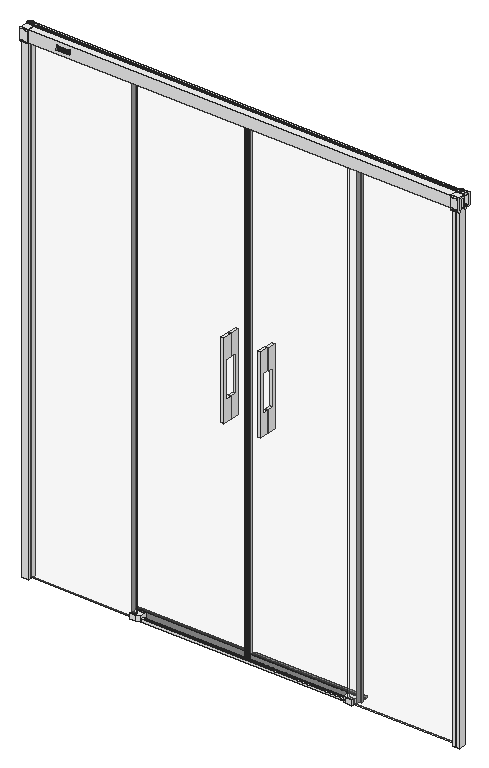
Revit family "Sanitary_Shower-screens_Duscholux_DuschoGredel_DuschoVesna_Slider-twin-doors-shower", category Plumbing Fixtures, Revit 2017
Family settings
  Round Connector Dimension = Use Diameter
  Part Type = Normal
  OmniClass Number = 23.45.00.00
  OmniClass Title = Sanitary, Laundry, and Cleaning Equipment
  Work Plane-Based = No
  Always vertical = Yes
  Cut with Voids When Loaded = No
  Shared = No
  Room Calculation Point = No
Parameters (values of type "White Aluminium Finish")
  Uniclass 2015 Description = "Shower Enclosures"
  Uniclass 2015 Code = "PR-40-20-06-79"
  URL = "http://www.duscholux.es/"
  UNSPSC Code = "30181507"
  Thickness Safety Glass Sliding = 5 mm  # constant formula
  Text visibility = yes
  Technical Inspection Certificate (Applus) = "http://www.duscholux.es/resources/custom/var/APPLUS_en.pdf"
  Series = "Duscho Gredel"
  Region South America = "Consult"
  Region Oceania = "Consult"
  Region North America = "Consult"
  Region Middle East = "Consult"
  Region Europe = "AD, ES, FR, PT"
  Region Asia = "Consult"
  Region Antartica = "Consult"
  Region Africa = "Consult"
  Ref. = "6AB"
  Products = "http://www.duscholux.es/mamparas_filtro.aspx?es"
  Product group = "Front for shower"
  Product family = "Duscho Gredel"
  Optional = "Towel rail / Shelf"
  Opening System Image = "http://blob.duscholux.es/pluma512/FD2f2pcorredera.gif"
  Opening System = "Sliding"
  Opening Percentage = 0
  Net Weight (Kg) = 64
  NBS Reference Description = "Shower Enclosures"
  NBS Reference Code = "45-35-70"
  Model = "DuschoVesna"
  Manufacturer name = "Duscholux Ibérica, S.A."
  Manufacturer country = "Spain"
  Manufacturer = "Duscholux Ibérica, S.A."
  Maintenance and Cleaning = "http://www.duscholux.es/mamparas_limpieza.aspx?en"
  Logo visibility = yes
  Image = "http://www.duscholux.es/resources/custom/img/mamparas/DUSCHO%20GREDEL/modelos/2F2PFDC/mampara_h.jpg"
  IFC Classification = "Furnishing Element"
  Handle Material = White Finish
  Glass in Building UNE EN 12150 = "CE Conformity marking"
  Glass Material = Glass_Material-Duscholux
  Thickness Safety Glass Fixed Panels = 8 mm  # constant formula
  Frame Material = White Aluminium Finish
  Fact Sheet = "http://blob.duscholux.es/enpdf2018/Vesna2F2PFD.pdf"
  Environmental Management ISO 14001 = "ECOEMBES Certificate"
  Edition number = "1"
  Design country = "Spain / Germany"
  Description = "2 fixed segments + slider twin doors"
  Date of publishing = ""
  Configuration enclosure = "http://configuratumampara.duscholux.es/eCatalogo.aspx"
  Components = "Eropean components"
  Combinations = "Lateral 90°"
  Certified Quality UNE EN 14428 = "http://www.duscholux.es/duscholux_downloads.aspx?es"
  COBIe Type Category = ""
  Brand = "Duscholux"
  Assembly Code = "C1030200"
  Opening Door = ((Min Max Width / 4) - 110 mm) * Opening Percentage / 100  # 0 mm
  Sliding Door Width = (Min Max Width / 4) + 9 mm  # 409 mm
  Width = 1600 mm
  Min Max Width = if(Width < 1160 mm, 1160 mm, if(Width > 2000 mm, 2000 mm, Width))  # 1600 mm
  Handle Height = Max Height / 2  # 900 mm
  Max Height = if(Height > 2000 mm, 2000 mm, Height)  # 1800 mm
  Height = 1800 mm
  Accesories Material = White Finish
Types (5, lengths in mm): name | Handle Material | Frame Material | Sliding Door Width | Width | Min Max Width | Handle Height | Max Height | Height | Accesories Material
  (no name) | White Finish | White Aluminium Finish | 409 | 1600 | 1600 | 900 | 1800 | 1800 | White Finish
  Platinum Aluminium Finish | Chrome Finish | Platinum Aluminium Finish | 409 | 1600 | 1600 | 1000 | 2000 | 2000 | Sillver Matt Finish
  Silver Matt Aluminium Finish | Chrome Finish | Silver Matt Aluminium Finish | 409 | 1600 | 1600 | 900 | 1800 | 1800 | Chrome Finish
  White Aluminium Finish | White Finish | White Aluminium Finish | 409 | 1600 | 1600 | 900 | 1800 | 1800 | White Finish
  Black Aluminium Finish | Chrome Finish | Black Aluminium Finish | 509 | 2100 | 2000 | 950 | 1900 | 1900 | Chrome Finish
Reference planes
  plane 1 "Centro (Frontal/Posterior)": y = 0
  plane 2: z = 0
  plane 3 "Centro (Izquierda/Derecha)": x = 0
  plane 4: y = 23.489
  plane 5: y = 4
  plane 6: y = -4
  plane 7: z = 1800
  plane 8: z = 1759.85
  plane 9: z = 1757.85
  plane 10: x = -8.5
  plane 11: x = 18
  plane 12: z = 900
  plane 13: x = 1591.5
  plane 14: x = 791.5
  plane 15: x = 405.75
  plane 16: x = 1177.25
  plane 17: x = 391.5
  plane 18: x = 1191.5
  plane 19: x = 2842
  plane 20: x = 1041.5
Forms (mm)
  Extrusion 1, solid, material "Glass_Material-Duscholux"
    sketch origin (500, 0, 0) x (1, 0, 0) y (0, 1, 0)
      loop
        line (-500, 4) -> (-500, -4) -> (-94.25, -4) -> (-94.25, 4) -> (-500, 4)
    from 1.937 to 1785
  Extrusion 2, solid, material "Glass_Material-Duscholux" <- "Glass Material"
    sketch origin (-592.982, 0, 0) x (1, 0, 0) y (0, 1, 0)
      loop
        line (968.25, 25.989) -> (968.25, 20.989) -> (1377.25, 20.989) -> (1377.25, 25.989) -> (968.25, 25.989)
    from 3.247 to 1785
  Extrusion 3, solid, material "White Finish" <- "Accesories Material"
    sketch origin (15, 0, 0) x (1, 0, 0) y (0, 1, 0)
      loop
        line (405.75, 30.989) -> (370.75, 30.989) -> (370.75, -8.011) -> (392.75, -8.011) -> (405.75, -4.011) -> (405.75, 30.989)
    from 0 to 18
  Extrusion 4, void
    sketch origin (15, 0, 0) x (1, 0, 0) y (0, 1, 0)
      loop
        line (370.75, 27.32) -> (370.75, 19.755) -> (405.75, 19.755) -> (405.75, 27.32) -> (370.75, 27.32)
    from 1.937 to 18
  Extrusion 5, void
    sketch origin (15, -100, 0) x (1, 0, 0) y (0, 1, 0)
      loop
        line (390.75, 104) -> (370.75, 104) -> (370.75, 96) -> (390.75, 96) -> (390.75, 104)
    from 1.937 to 18
  Extrusion 6, solid, material "White Aluminium Finish" <- "Frame Material"
    sketch origin (0, 0, 0) x (1, 0, 0) y (0, 1, 0)
      loop
        line (18, 14.7) -> (-8.5, 14.7) -> (-8.5, -10.5) -> (18, -10.5) -> (18, -4.3) -> (7.35, -4.3) -> (7.35, -9) -> (-7, -9) -> (-7, 0) -> (-7, 13.2) -> (7.35, 13.2) -> (7.35, 4.3) -> (18, 4.3) -> (18, 14.7)
    from 0 to 1759.85
  Extrusion 7, solid, material "Plástico, transparente", detail levels fine
    sketch origin (0, -145.181, 3.42) x (0, 1, 0) y (0, 0, 1)
      loop
        line (194.949, 4.519) -> (171.958, 16.536)
        arc (171.958, 16.536) -> (171.38, 16.476) -> (171.21, 15.92) r 0.526
        line (171.21, 15.92) -> (171.449, 15) -> (171.449, -0.173) -> (165.989, -0.173) -> (165.989, 16.735) -> (164.936, 16.612) -> (164.936, -1.483) -> (172.501, -1.483) -> (172.501, 12.27)
        arc (172.501, 12.27) -> (172.794, 12.905) -> (173.466, 13.094) r 0.834
        line (173.466, 13.094) -> (193.449, 3.5) -> (193.449, -2.213)
        arc (193.449, -2.213) -> (194.154, -2.647) -> (194.949, -2.414) r 1.02
        line (194.949, -2.414) -> (194.949, 4.519)
    from 380.268 to 781.268
  Extrusion 8, void
    sketch origin (0, -100, 0) x (0, 1, 0) y (0, 0, 1)
      loop
        line (130.989, 15.216) -> (130.989, 18) -> (127.32, 18) -> (127.32, 16.927) -> (130.989, 15.216)
    from 385.75 to 420.75
  Extrusion 9, solid, material "White Aluminium Finish" <- "Frame Material"
    sketch origin (0, 0, 0) x (0, 1, 0) y (0, 0, 1)
      loop
        line (-16, 1800) -> (-16, 1759.85) -> (-6.5, 1759.85) -> (-6.5, 1794) -> (0, 1794) -> (6.5, 1794) -> (6.5, 1759.85) -> (18.5, 1759.85) -> (18.5, 1763.85) -> (9.5, 1763.85) -> (9.5, 1795.261) -> (23.519, 1795.261) -> (23.519, 1798.011) -> (31.069, 1798.011) -> (31.069, 1761.861) -> (29.669, 1761.861) -> (29.669, 1759.861) -> (33.069, 1759.861) -> (33.069, 1797.011)
        arc (33.069, 1797.011) -> (32.191, 1799.132) -> (30.069, 1800.011) r 3
        line (30.069, 1800.011) -> (21.519, 1800.011) -> (21.519, 1797.261) -> (12.519, 1797.261) -> (12.519, 1800) -> (-16, 1800)
      loop
        line (-9.5, 1791.05) -> (-13, 1791.05) -> (-13, 1763.85) -> (-9.5, 1763.85) -> (-9.5, 1791.05)
    from -8.5 to 1591.5
  Extrusion 10, solid, material "White Finish" <- "Accesories Material"
    sketch origin (0, 0, 0) x (0, 1, 0) y (0, 0, 1)
      loop
        arc (-15, 1802.011) -> (-17.121, 1801.132) -> (-18, 1799.011) r 3
        line (-18, 1799.011) -> (-18, 1761.188)
        arc (-18, 1761.188) -> (-16.882, 1758.721) -> (-14.289, 1757.935) r 3.281
        line (-14.289, 1757.935) -> (-14.288, 1753.858) -> (-10.5, 1753.858) -> (-10.5, 1759.85) -> (-16, 1759.85) -> (-16, 1800) -> (30.191, 1800)
        arc (30.191, 1800) -> (32.266, 1799.117) -> (33.069, 1797.011) r 2.881
        line (33.069, 1797.011) -> (33.069, 1759.861) -> (14.7, 1759.861) -> (14.7, 1753.858) -> (18.5, 1753.858) -> (18.5, 1757.85) -> (32.069, 1757.85)
        arc (32.069, 1757.85) -> (34.191, 1758.729) -> (35.069, 1760.85) r 3
        line (35.069, 1760.85) -> (35.069, 1797.011)
        arc (35.069, 1797.011) -> (33.605, 1800.546) -> (30.069, 1802.011) r 5
        line (30.069, 1802.011) -> (21.49, 1802.011)
        arc (21.49, 1802.011) -> (20.786, 1804.401) -> (18.52, 1805.435) r 3
        line (18.52, 1805.435) -> (12.519, 1805.435) -> (12.519, 1802.011) -> (-15, 1802.011)
    from -8.5 to 19.5
  Extrusion 11, solid, material "White Finish" <- "Accesories Material"
    sketch origin (0, 0, 0) x (0, 1, 0) y (0, 0, 1)
      loop
        line (-2.433, 7.579) -> (-2.433, 0) -> (7.636, 0) -> (7.636, 7.574)
        arc (7.636, 7.574) -> (6.912, 9.32) -> (5.166, 10.043) r 2.47
        line (5.166, 10.043) -> (0.032, 10.043)
        arc (0.032, 10.043) -> (-1.711, 9.321) -> (-2.433, 7.579) r 2.465
    from 420.75 to 1162.25
  Extrusion 12, solid, material "White Aluminium Finish" <- "Frame Material"
    sketch origin (2860, 0, 0) x (-1, 0, 0) y (0, -1, 0)
      loop
        line (1295, -14.7) -> (1295, -4.3) -> (1284.35, -4.3) -> (1284.35, -13.2) -> (1270, -13.2) -> (1270, 0) -> (1270, 9) -> (1284.35, 9) -> (1284.35, 4.3) -> (1295, 4.3) -> (1295, 10.5) -> (1268.5, 10.5) -> (1268.5, -14.7) -> (1295, -14.7)
    from 0 to 1759.85
  Extrusion 13, solid, material "White Finish" <- "Accesories Material"
    sketch origin (2845, 0, 0) x (-1, 0, 0) y (0, -1, 0)
      loop
        line (1682.75, -30.989) -> (1682.75, 4.011) -> (1669.75, 8.011) -> (1647.75, 8.011) -> (1647.75, -30.989) -> (1682.75, -30.989)
    from 0 to 18
  Extrusion 14, void
    sketch origin (2845, 0, 0) x (-1, 0, 0) y (0, -1, 0)
      loop
        line (1647.75, -27.32) -> (1682.75, -27.32) -> (1682.75, -19.755) -> (1647.75, -19.755) -> (1647.75, -27.32)
    from 1.937 to 18
  Extrusion 15, void
    sketch origin (2845, -100, 0) x (-1, 0, 0) y (0, -1, 0)
      loop
        line (1667.75, -104) -> (1667.75, -96) -> (1647.75, -96) -> (1647.75, -104) -> (1667.75, -104)
    from 1.937 to 18
  Extrusion 16, void
    sketch origin (2860, -100, 0) x (0, 1, 0) y (0, 0, -1)
      loop
        line (130.989, -15.216) -> (127.32, -16.927) -> (127.32, -18) -> (130.989, -18) -> (130.989, -15.216)
    from 1662.75 to 1697.75
  Extrusion 17, solid, material "Glass_Material-Duscholux" <- "Glass Material"
    sketch origin (2871.312, 0, 0) x (-1, 0, 0) y (0, -1, 0)
      loop
        line (1663.612, -25.989) -> (2072.612, -25.989) -> (2072.612, -20.989) -> (1663.612, -20.989) -> (1663.612, -25.989)
    from 3.247 to 1785
  Extrusion 18, void
    sketch origin (2880, 0, 0) x (-1, 0, 0) y (0, -1, 0)
      loop
        line (1682.75, -27.32) -> (1717.75, -27.32) -> (1717.75, -19.755) -> (1682.75, -19.755) -> (1682.75, -27.32)
    from 1.937 to 18
  Extrusion 19, solid, material "Plástico, transparente", detail levels fine
    sketch origin (2895, -145.181, 3.42) x (0, 1, 0) y (0, 0, -1)
      loop
        line (194.949, -4.519) -> (194.949, 2.414)
        arc (194.949, 2.414) -> (194.154, 2.647) -> (193.449, 2.213) r 1.02
        line (193.449, 2.213) -> (193.449, -3.5) -> (173.466, -13.094)
        arc (173.466, -13.094) -> (172.794, -12.905) -> (172.501, -12.27) r 0.834
        line (172.501, -12.27) -> (172.501, 1.483) -> (164.936, 1.483) -> (164.936, -16.612) -> (165.989, -16.735) -> (165.989, 0.173) -> (171.449, 0.173) -> (171.449, -15) -> (171.21, -15.92)
        arc (171.21, -15.92) -> (171.38, -16.476) -> (171.958, -16.536) r 0.526
        line (171.958, -16.536) -> (194.949, -4.519)
    from 1692.3 to 2093.3
  Extrusion 20, void
    sketch origin (15, 0, 0) x (1, 0, 0) y (0, 1, 0)
      loop
        line (370.75, 27.32) -> (370.75, 19.755) -> (405.75, 19.755) -> (405.75, 27.32) -> (370.75, 27.32)
    from 1.937 to 18
  Extrusion 21, solid, material "Glass_Material-Duscholux" <- "Glass Material"
    sketch origin (2360, 0, 0) x (-1, 0, 0) y (0, -1, 0)
      loop
        line (777, -4) -> (1182.75, -4) -> (1182.75, 4) -> (777, 4) -> (777, -4)
    from 1.937 to 1785
  Extrusion 22, solid, material "Plástico, transparente", detail levels fine
    sketch origin (-13.805, 0, 0) x (1, 0, 0) y (0, 1, 0)
      loop
        line (394.073, 26.267) -> (394.073, 27.32) -> (387.773, 27.32) -> (387.773, 19.707) -> (392.973, 19.707) -> (392.973, 5.807) -> (394.073, 5.807) -> (394.073, 20.807) -> (389.073, 20.807) -> (389.073, 26.267) -> (394.073, 26.267)
    from 1.937 to 1785
  Extrusion 23, solid, material "Plástico, transparente", detail levels fine
    sketch origin (2819.945, 0, 0) x (-1, 0, 0) y (0, -1, 0)
      loop
        line (1617.245, -26.267) -> (1612.245, -26.267) -> (1612.245, -20.807) -> (1617.245, -20.807) -> (1617.245, -5.807) -> (1616.145, -5.807) -> (1616.145, -19.707) -> (1610.945, -19.707) -> (1610.945, -27.32) -> (1617.245, -27.32) -> (1617.245, -26.267)
    from 1.937 to 1785
  Extrusion 24, solid, material "White Aluminium Finish"
    sketch origin (27.858, 0, 0) x (1, 0, 0) y (0, 1, 0)
      loop
        line (770.842, 20.989) -> (770.842, 26.186) -> (772.542, 26.186)
        arc (772.542, 26.186) -> (773.084, 26.664) -> (772.802, 27.33) r 0.619
        arc (772.802, 27.33) -> (772.279, 27.623) -> (771.735, 27.875) r 8
        arc (771.735, 27.875) -> (769.197, 28.479) -> (766.599, 28.234) r 8
        arc (766.599, 28.234) -> (765.845, 27.841) -> (765.542, 27.046) r 1.197
        line (765.542, 27.046) -> (765.542, 25.986) -> (763.642, 25.986) -> (763.642, 21.189) -> (765.542, 21.189) -> (765.542, 20.129)
        arc (765.542, 20.129) -> (765.845, 19.334) -> (766.599, 18.94) r 1.197
        arc (766.599, 18.94) -> (769.197, 18.695) -> (771.735, 19.299) r 8
        arc (771.735, 19.299) -> (772.279, 19.552) -> (772.802, 19.845) r 8
        arc (772.802, 19.845) -> (773.084, 20.51) -> (772.542, 20.989) r 0.619
        line (772.542, 20.989) -> (770.842, 20.989)
      loop
        line (769.842, 19.886) -> (769.842, 27.286) -> (766.342, 27.286) -> (766.342, 19.886) -> (769.842, 19.886)
    from 0 to 1785
  Extrusion 25, solid, material "White Aluminium Finish"
    sketch origin (-15, 0, 0) x (1, 0, 0) y (0, 1, 0)
      loop
        line (806.5, 25.986) -> (804.568, 25.986) -> (804.568, 27.046)
        arc (804.568, 27.046) -> (804.265, 27.841) -> (803.511, 28.234) r 1.197
        arc (803.511, 28.234) -> (800.913, 28.479) -> (798.375, 27.875) r 8
        arc (798.375, 27.875) -> (797.831, 27.623) -> (797.308, 27.33) r 8
        arc (797.308, 27.33) -> (797.026, 26.664) -> (797.568, 26.186) r 0.619
        line (797.568, 26.186) -> (799.268, 26.186) -> (799.268, 20.989) -> (797.568, 20.989)
        arc (797.568, 20.989) -> (797.026, 20.51) -> (797.308, 19.845) r 0.619
        arc (797.308, 19.845) -> (797.831, 19.552) -> (798.375, 19.299) r 8
        arc (798.375, 19.299) -> (800.913, 18.695) -> (803.511, 18.94) r 8
        arc (803.511, 18.94) -> (804.265, 19.334) -> (804.568, 20.129) r 1.197
        line (804.568, 20.129) -> (804.568, 21.189) -> (806.5, 21.189) -> (806.5, 25.986)
      loop
        line (800.268, 27.286) -> (800.268, 19.886) -> (803.768, 19.886) -> (803.768, 27.286) -> (800.268, 27.286)
    from 0 to 1785
  Extrusion 26, solid, material "White Finish" <- "Accesories Material"
    sketch origin (2083, 0, 0) x (0, 1, 0) y (0, 0, -1)
      loop
        line (-15, -1802.011) -> (12.519, -1802.011) -> (12.519, -1805.435) -> (18.52, -1805.435)
        arc (18.52, -1805.435) -> (20.786, -1804.401) -> (21.49, -1802.011) r 3
        line (21.49, -1802.011) -> (30.069, -1802.011)
        arc (30.069, -1802.011) -> (33.605, -1800.546) -> (35.069, -1797.011) r 5
        line (35.069, -1797.011) -> (35.069, -1760.85)
        arc (35.069, -1760.85) -> (34.191, -1758.729) -> (32.069, -1757.85) r 3
        line (32.069, -1757.85) -> (18.5, -1757.85) -> (18.5, -1753.858) -> (14.7, -1753.858) -> (14.7, -1759.861) -> (33.069, -1759.861) -> (33.069, -1797.011)
        arc (33.069, -1797.011) -> (32.266, -1799.117) -> (30.191, -1800) r 2.881
        line (30.191, -1800) -> (-16, -1800) -> (-16, -1759.85) -> (-10.5, -1759.85) -> (-10.5, -1753.858) -> (-14.288, -1753.858) -> (-14.289, -1757.935)
        arc (-14.289, -1757.935) -> (-16.882, -1758.721) -> (-18, -1761.188) r 3.281
        line (-18, -1761.188) -> (-18, -1799.011)
        arc (-18, -1799.011) -> (-17.121, -1801.132) -> (-15, -1802.011) r 3
    from 491.5 to 519.5
Cuts and joins
  Extrusion 4, Extrusion 14, Extrusion 18 cuts Extrusion 2
  Extrusion 4, Extrusion 5, Extrusion 8, Extrusion 14, Extrusion 15, Extrusion 16, Extrusion 18 cuts Extrusion 3
  Extrusion 5, Extrusion 15 cuts Extrusion 1
  Extrusion 14, Extrusion 18 cuts Extrusion 7
  Extrusion 14, Extrusion 15, Extrusion 16, Extrusion 18, Extrusion 20 cuts Extrusion 13
  Extrusion 18 cuts Extrusion 17
  Extrusion 18 cuts Extrusion 19
Lines and regions (mm)
  reference lines
    curve 1: line (0, 14.7, 1753.858) -> (0, 18.5, 1753.858)
    curve 2: line (0, 14.7, 1753.858) -> (0, 18.5, 1753.858)
    curve 3: line (0, -2.4, 0) -> (0, -2.4, 10)
Dimensions and locks
  locked: Extrusion 3 to Extrusion 3 at 18
  equal spacing: plane 5, plane 1 "Centro (Frontal/Posterior)", plane 6
  "Thickness Safety Glass Fixed Panels": plane 5 to plane 6
  locked: plane 7 to cut or joined group of Extrusion 1, Extrusion 5, Extrusion 15 at 15  (x2)
  locked: plane 7 to plane 8 at 40.15
  locked: Extrusion 10 to Extrusion 10 at 28
  plane 9 to plane 8 = 2 mm
  locked: plane 8 to plane 9 at 2
  locked: plane 10 to plane 3 "Centro (Izquierda/Derecha)" at 8.5
  "Handle Height": plane 12 to level
  level to Extrusion 11 = 10.043 mm
  locked: Extrusion 13 to Extrusion 13 at 18
  equal spacing: plane 10, plane 17, plane 14, plane 18, plane 13
  locked: Extrusion 21 to Extrusion 12 at 8.5
  locked: Extrusion 23 to Extrusion 23 at 1.3
  locked: Extrusion 23 to Extrusion 23 at 6.3  (x2)
  locked: Extrusion 24 to Extrusion 24 at 7.2
  locked: cut or joined group of Extrusion 17, Extrusion 18 to cut or joined group of Extrusion 18, Extrusion 19 at 3
  cut or joined group of Extrusion 18, Extrusion 19 to nested 4 = 57 mm
  locked: cut or joined group of Extrusion 7, Extrusion 14, Extrusion 18 to cut or joined group of Extrusion 2, Extrusion 4, Extrusion 14, Extrusion 18 at 3
  locked: Extrusion 25 to Extrusion 25 at 7.232
  locked: Extrusion 24 to nested 4 at 60
  locked: nested 2 to cut or joined group of Extrusion 2, Extrusion 4, Extrusion 14, Extrusion 18 at 60
  locked: Extrusion 22 to Extrusion 22 at 6.3  (x2)
  locked: Extrusion 22 to Extrusion 22 at 1.3
  "Sliding Door Width": cut or joined group of Extrusion 17, Extrusion 18 to cut or joined group of Extrusion 17, Extrusion 18
  "Sliding Door Width": cut or joined group of Extrusion 2, Extrusion 4, Extrusion 14, Extrusion 18 to cut or joined group of Extrusion 2, Extrusion 4, Extrusion 14, Extrusion 18
  "Opening Door": Extrusion 25 to plane 14
  "Opening Door": plane 14 to Extrusion 24
  locked: cut or joined group of Extrusion 13, Extrusion 14, Extrusion 15, Extrusion 16, Extrusion 18, Extrusion 20 to plane 18 at 29.25
  locked: plane 18 to cut or joined group of Extrusion 13, Extrusion 14, Extrusion 15, Extrusion 16, Extrusion 18, Extrusion 20 at 5.75
  locked: plane 16 to plane 18 at 14.25
  locked: plane 17 to cut or joined group 1 (Extrusion 3, Extrusion 4, Extrusion 5, Extrusion 8, Extrusion 14, Extrusion 15, Extrusion 16, Extrusion 18) at 29.25
  locked: cut or joined group 1 to plane 17 at 5.75
  locked: plane 17 to plane 15 at 14.25
  locked: Extrusion 26 to Extrusion 26 at 28  (x2)
  locked: Extrusion 22 to Extrusion 22 at 1.1
  "Thickness Safety Glass Sliding": cut or joined group of Extrusion 2, Extrusion 4, Extrusion 14, Extrusion 18 to cut or joined group of Extrusion 2, Extrusion 4, Extrusion 14, Extrusion 18
  "Thickness Safety Glass Sliding": cut or joined group of Extrusion 17, Extrusion 18 to cut or joined group of Extrusion 17, Extrusion 18
  locked: plane 10 to nested 5 at 157.468
  "Min Max Width": plane 10 to plane 13
  "Max Height": plane 7 to plane 2
  locked: Extrusion 23 to Extrusion 23 at 1.1
  aligned and locked: level to plane 2
  aligned and locked: Extrusion 4 sketch curve to Extrusion 3
  aligned and locked: cut or joined group 1 to Extrusion 5 sketch curve
  aligned and locked: cut or joined group 1 to Extrusion 4
  aligned and locked: plane 5 to cut or joined group of Extrusion 1, Extrusion 5, Extrusion 15
  aligned and locked: plane 6 to cut or joined group of Extrusion 1, Extrusion 5, Extrusion 15
  aligned and locked: Extrusion 2 to Extrusion 7
  aligned and locked: cut or joined group 1 to cut or joined group of Extrusion 1, Extrusion 5, Extrusion 15  (x2)
  aligned and locked: cut or joined group of Extrusion 1, Extrusion 5, Extrusion 15 to cut or joined group 1
  aligned and locked: cut or joined group of Extrusion 2, Extrusion 4, Extrusion 14, Extrusion 18 to cut or joined group of Extrusion 1, Extrusion 5, Extrusion 15
  aligned and locked: Extrusion 9 sketch curve to plane 7
  aligned and locked: Extrusion 9 sketch curve to Extrusion 9 sketch curve
  aligned and locked: Extrusion 9 to Extrusion 6
  aligned and locked: Extrusion 9 to plane 8
  aligned and locked: plane 8 to Extrusion 6
  aligned and locked: cut or joined group 1 to cut or joined group of Extrusion 2, Extrusion 4, Extrusion 14, Extrusion 18
  aligned and locked: cut or joined group 1 to cut or joined group 1  (x2)
  aligned and locked: Extrusion 10 to Extrusion 9
  aligned and locked: Extrusion 6 to plane 10
  aligned and locked: cut or joined group of Extrusion 1, Extrusion 5, Extrusion 15 to plane 3 "Centro (Izquierda/Derecha)"
  aligned and locked: plane 12 to nested 1
  aligned and locked: nested 2 to plane 12
  aligned and locked: Extrusion 11 to cut or joined group 1
  aligned and locked: plane 13 to Extrusion 12
  aligned and locked: Extrusion 13 to Extrusion 14 sketch curve
  aligned and locked: Extrusion 19 to Extrusion 17
  aligned and locked: Extrusion 11 to cut or joined group of Extrusion 13, Extrusion 14, Extrusion 15, Extrusion 16, Extrusion 18, Extrusion 20
  aligned and locked: plane 5 to Extrusion 21
  aligned and locked: plane 6 to Extrusion 21
  aligned and locked: plane 16 to Extrusion 21
  aligned and locked: cut or joined group of Extrusion 13, Extrusion 14, Extrusion 15, Extrusion 16, Extrusion 18, Extrusion 20 to Extrusion 16
  aligned and locked: Extrusion 16 to cut or joined group of Extrusion 13, Extrusion 14, Extrusion 15, Extrusion 16, Extrusion 18, Extrusion 20
  aligned and locked: plane 16 to Extrusion 15
  aligned and locked: cut or joined group of Extrusion 13, Extrusion 14, Extrusion 15, Extrusion 16, Extrusion 18, Extrusion 20 to Extrusion 15
  aligned and locked: plane 13 to Extrusion 9
  aligned and locked: cut or joined group of Extrusion 17, Extrusion 18 to cut or joined group of Extrusion 2, Extrusion 4, Extrusion 14, Extrusion 18
  aligned and locked: Extrusion 21 to cut or joined group of Extrusion 17, Extrusion 18
  aligned and locked: plane 8 to Extrusion 12
  aligned and locked: Extrusion 22 to cut or joined group of Extrusion 2, Extrusion 4, Extrusion 14, Extrusion 18  (x2)
  aligned and locked: cut or joined group of Extrusion 17, Extrusion 18 to Extrusion 23
  aligned and locked: Extrusion 24 to cut or joined group of Extrusion 17, Extrusion 18  (x2)
  aligned and locked: cut or joined group of Extrusion 13, Extrusion 14, Extrusion 15, Extrusion 16, Extrusion 18, Extrusion 20 to cut or joined group of Extrusion 18, Extrusion 19
  aligned and locked: cut or joined group of Extrusion 7, Extrusion 14, Extrusion 18 to Extrusion 22
  aligned and locked: Extrusion 25 to cut or joined group of Extrusion 2, Extrusion 4, Extrusion 14, Extrusion 18
  aligned and locked: cut or joined group of Extrusion 2, Extrusion 4, Extrusion 14, Extrusion 18 to Extrusion 25
  aligned and locked: Extrusion 22 to Extrusion 22
  aligned and locked: nested 4 to nested 3
  aligned and locked: Extrusion 25 to plane 2
  aligned and locked: Extrusion 24 to plane 2
  aligned and locked: nested 3 to plane 12
  aligned and locked: plane 12 to nested 4
  aligned and locked: plane 13 to Extrusion 26
  aligned and locked: Extrusion 23 to cut or joined group of Extrusion 17, Extrusion 18
  aligned and locked: cut or joined group of Extrusion 18, Extrusion 19 to Extrusion 23
Automatic sketch dimensions
  Extrusion 1 sketch curve to plane 3 "Centro (Izquierda/Derecha)" = 0 mm
  plane 6 to Extrusion 1 sketch curve = 0 mm
  Extrusion 1 sketch curve to plane 15 = 0 mm
  Extrusion 1 sketch curve to plane 5 = 0 mm
  plane 4 to Extrusion 2 sketch curve = 2.5 mm
  Extrusion 2 sketch curve to plane 17 = 16.232 mm
  Extrusion 2 sketch curve to plane 14 = 7.232 mm
  Extrusion 2 sketch curve to plane 4 = 2.5 mm
  Extrusion 3 sketch curve to plane 17 = 5.75 mm
  plane 15 to Extrusion 3 sketch curve = 2 mm
  plane 6 to Extrusion 3 sketch curve = 0.011 mm
  Extrusion 3 sketch curve to Extrusion 3 sketch curve = 13 mm
  plane 6 to Extrusion 3 sketch curve = 4.011 mm
  Extrusion 3 sketch curve to plane 4 = 7.5 mm
  plane 4 to Extrusion 4 sketch curve = 3.734 mm
  plane 15 to Extrusion 4 sketch curve = 15 mm
  Extrusion 4 sketch curve to plane 4 = 3.831 mm
  plane 6 to Extrusion 5 sketch curve = 0 mm
  Extrusion 5 sketch curve to plane 15 = 0 mm
  Extrusion 5 sketch curve to plane 5 = 0 mm
  curve 3 to level = 0 mm
  plane 9 to curve 2 = 3.992 mm
  plane 4 to curve 2 = 8.789 mm
  curve 1 to curve 2 = 3.8 mm
  curve 3 to plane 6 = 1.6 mm
  level to curve 3 = 10 mm
  Extrusion 6 sketch curve to plane 10 = 0 mm
  plane 1 "Centro (Frontal/Posterior)" to Extrusion 6 sketch curve = 0 mm
  Extrusion 6 sketch curve to plane 11 = 0 mm  (x2)
  plane 10 to Extrusion 6 sketch curve = 1.5 mm
  plane 3 "Centro (Izquierda/Derecha)" to Extrusion 6 sketch curve = 7.35 mm  (x2)
  plane 5 to Extrusion 6 sketch curve = 0.3 mm
  plane 6 to Extrusion 6 sketch curve = 0.3 mm
  plane 6 to Extrusion 6 sketch curve = 5 mm
  Extrusion 6 sketch curve to Extrusion 6 sketch curve = 1.5 mm
  plane 5 to Extrusion 6 sketch curve = 9.2 mm
  plane 4 to Extrusion 6 sketch curve = 8.789 mm
  plane 4 to Extrusion 7 sketch curve = 3.734 mm
  Extrusion 7 sketch curve to Extrusion 7 sketch curve = 1.053 mm  (x2)
  Extrusion 7 sketch curve to plane 4 = 2.54 mm
  Extrusion 7 sketch curve to plane 4 = 2.779 mm
  Extrusion 7 sketch curve to Extrusion 7 sketch curve = 0.504 mm
  Extrusion 7 sketch curve to Extrusion 7 sketch curve = 0.244 mm
  Extrusion 7 sketch curve to Extrusion 7 sketch curve = 0.834 mm
  Extrusion 7 sketch curve to Extrusion 7 sketch curve = 0.131 mm
  level to Extrusion 7 sketch curve = 6.92 mm
  Extrusion 7 sketch curve to Extrusion 7 sketch curve = 20.947 mm
  Extrusion 7 sketch curve to Extrusion 7 sketch curve = 0.841 mm
  Extrusion 7 sketch curve to Extrusion 7 sketch curve = 1.5 mm
  level to Extrusion 7 sketch curve = 3.247 mm
  Extrusion 7 sketch curve to Extrusion 7 sketch curve = 1.31 mm
  level to Extrusion 7 sketch curve = 1.785 mm
  Extrusion 7 sketch curve to Extrusion 7 sketch curve = 0.578 mm
  Extrusion 7 sketch curve to Extrusion 7 sketch curve = 1.019 mm
  Extrusion 7 sketch curve to Extrusion 7 sketch curve = 12.444 mm
  Extrusion 7 sketch curve to Extrusion 7 sketch curve = 1.906 mm
  Extrusion 7 sketch curve to Extrusion 7 sketch curve = 0.92 mm
  Extrusion 7 sketch curve to Extrusion 7 sketch curve = 0.15 mm
  Extrusion 7 sketch curve to Extrusion 7 sketch curve = 0.692 mm
  Extrusion 7 sketch curve to Extrusion 7 sketch curve = 0.123 mm
  Extrusion 8 sketch curve to plane 4 = 3.831 mm
  Extrusion 8 sketch curve to Extrusion 8 sketch curve = 3.669 mm
  level to Extrusion 8 sketch curve = 15.216 mm
  Extrusion 8 sketch curve to Extrusion 8 sketch curve = 1.711 mm
  Extrusion 8 sketch curve to Extrusion 8 sketch curve = 2.784 mm
  Extrusion 9 sketch curve to plane 8 = 0 mm  (x2)
  Extrusion 9 sketch curve to plane 1 "Centro (Frontal/Posterior)" = 0 mm
  plane 6 to Extrusion 9 sketch curve = 2.5 mm
  Extrusion 9 sketch curve to Extrusion 9 sketch curve = 3 mm  (x3)
  Extrusion 9 sketch curve to Extrusion 9 sketch curve = 3.5 mm
  plane 5 to Extrusion 9 sketch curve = 2.5 mm
  Extrusion 9 sketch curve to Extrusion 9 sketch curve = 3.019 mm
  plane 4 to Extrusion 9 sketch curve = 4.989 mm
  plane 7 to Extrusion 9 sketch curve = 0.011 mm
  plane 4 to Extrusion 9 sketch curve = 1.969 mm
  Extrusion 9 sketch curve to plane 4 = 0.031 mm
  plane 8 to Extrusion 9 sketch curve = 0.011 mm
  Extrusion 9 sketch curve to plane 4 = 6.181 mm
  Extrusion 9 sketch curve to plane 4 = 6.581 mm
  Extrusion 9 sketch curve to Extrusion 9 sketch curve = 1 mm  (x2)
  Extrusion 9 sketch curve to Extrusion 9 sketch curve = 2 mm
  plane 8 to Extrusion 9 sketch curve = 2.011 mm
  plane 8 to Extrusion 9 sketch curve = 4 mm
  Extrusion 9 sketch curve to plane 7 = 8.95 mm
  Extrusion 9 sketch curve to Extrusion 9 sketch curve = 2.95 mm
  Extrusion 9 sketch curve to plane 7 = 4.739 mm
  Extrusion 9 sketch curve to plane 7 = 2.739 mm
  Extrusion 10 sketch curve to plane 8 = 0 mm
  Extrusion 10 sketch curve to plane 7 = 0 mm
  plane 9 to Extrusion 10 sketch curve = 0 mm
  plane 8 to Extrusion 10 sketch curve = 1.338 mm
  plane 6 to Extrusion 10 sketch curve = 14 mm
  Extrusion 10 sketch curve to Extrusion 10 sketch curve = 2 mm
  Extrusion 10 sketch curve to Extrusion 10 sketch curve = 1 mm  (x2)
  Extrusion 10 sketch curve to Extrusion 10 sketch curve = 1.281 mm
  Extrusion 10 sketch curve to plane 9 = 0.085 mm
  plane 9 to Extrusion 10 sketch curve = 3.992 mm  (x2)
  Extrusion 10 sketch curve to Extrusion 10 sketch curve = 0.001 mm
  Extrusion 10 sketch curve to Extrusion 10 sketch curve = 3.789 mm
  plane 7 to Extrusion 10 sketch curve = 2.011 mm  (x2)
  plane 5 to Extrusion 10 sketch curve = 8.519 mm
  plane 4 to Extrusion 10 sketch curve = 8.789 mm
  Extrusion 10 sketch curve to Extrusion 10 sketch curve = 3.8 mm
  plane 7 to Extrusion 10 sketch curve = 2.435 mm
  plane 4 to Extrusion 10 sketch curve = 4.969 mm
  plane 4 to Extrusion 10 sketch curve = 1.999 mm
  Extrusion 10 sketch curve to plane 4 = 6.581 mm
  Extrusion 10 sketch curve to Extrusion 10 sketch curve = 0.121 mm
  Extrusion 10 sketch curve to plane 4 = 8.581 mm
  plane 8 to Extrusion 10 sketch curve = 0.011 mm
  plane 8 to Extrusion 10 sketch curve = 1 mm
  Extrusion 10 sketch curve to Extrusion 10 sketch curve = 0 mm
  Extrusion 11 sketch curve to level = 0 mm
  Extrusion 11 sketch curve to plane 6 = 1.567 mm
  Extrusion 11 sketch curve to plane 1 "Centro (Frontal/Posterior)" = 0.032 mm
  plane 5 to Extrusion 11 sketch curve = 1.166 mm
  plane 5 to Extrusion 11 sketch curve = 3.636 mm
  Extrusion 11 sketch curve to Extrusion 11 sketch curve = 7.574 mm
  Extrusion 12 sketch curve to plane 13 = 0 mm
  plane 1 "Centro (Frontal/Posterior)" to Extrusion 12 sketch curve = 0 mm
  plane 13 to Extrusion 12 sketch curve = 1.5 mm
  Extrusion 12 sketch curve to plane 6 = 5 mm
  Extrusion 12 sketch curve to Extrusion 12 sketch curve = 14.35 mm
  Extrusion 12 sketch curve to plane 5 = 0.3 mm
  Extrusion 12 sketch curve to Extrusion 12 sketch curve = 0 mm  (x2)
  Extrusion 12 sketch curve to Extrusion 12 sketch curve = 10.65 mm
  Extrusion 12 sketch curve to Extrusion 12 sketch curve = 1.5 mm
  Extrusion 12 sketch curve to plane 6 = 0.3 mm
  Extrusion 12 sketch curve to plane 5 = 9.2 mm
  Extrusion 12 sketch curve to plane 4 = 8.789 mm
  plane 18 to Extrusion 13 sketch curve = 5.75 mm
  Extrusion 13 sketch curve to plane 16 = 2 mm
  Extrusion 13 sketch curve to plane 6 = 0.011 mm
  Extrusion 13 sketch curve to Extrusion 13 sketch curve = 13 mm
  Extrusion 13 sketch curve to plane 6 = 4.011 mm
  plane 4 to Extrusion 13 sketch curve = 7.5 mm
  Extrusion 14 sketch curve to plane 4 = 3.734 mm
  Extrusion 14 sketch curve to plane 16 = 15 mm
  plane 4 to Extrusion 14 sketch curve = 3.831 mm
  Extrusion 15 sketch curve to plane 5 = 0 mm
  plane 6 to Extrusion 15 sketch curve = 0 mm
  Extrusion 15 sketch curve to plane 16 = 0 mm
  Extrusion 15 sketch curve to plane 18 = 5.75 mm
  Extrusion 16 sketch curve to plane 4 = 3.831 mm
  Extrusion 16 sketch curve to Extrusion 16 sketch curve = 3.669 mm
  level to Extrusion 16 sketch curve = 18 mm
  Extrusion 16 sketch curve to Extrusion 16 sketch curve = 1.073 mm
  Extrusion 16 sketch curve to Extrusion 16 sketch curve = 2.784 mm
  Extrusion 17 sketch curve to plane 4 = 2.5 mm
  plane 18 to Extrusion 17 sketch curve = 16.2 mm
  Extrusion 17 sketch curve to plane 14 = 7.2 mm
  plane 4 to Extrusion 17 sketch curve = 2.5 mm
  plane 18 to Extrusion 18 sketch curve = 5.75 mm
  Extrusion 18 sketch curve to plane 4 = 3.734 mm
  Extrusion 18 sketch curve to plane 16 = 15 mm
  plane 4 to Extrusion 18 sketch curve = 3.831 mm
  plane 4 to Extrusion 19 sketch curve = 3.734 mm
  Extrusion 19 sketch curve to Extrusion 19 sketch curve = 1.053 mm  (x2)
  Extrusion 19 sketch curve to plane 4 = 2.54 mm
  Extrusion 19 sketch curve to plane 4 = 2.779 mm
  Extrusion 19 sketch curve to Extrusion 19 sketch curve = 0.504 mm
  Extrusion 19 sketch curve to Extrusion 19 sketch curve = 0.244 mm
  Extrusion 19 sketch curve to Extrusion 19 sketch curve = 0.834 mm
  Extrusion 19 sketch curve to Extrusion 19 sketch curve = 0.131 mm
  level to Extrusion 19 sketch curve = 6.92 mm
  Extrusion 19 sketch curve to Extrusion 19 sketch curve = 20.947 mm
  Extrusion 19 sketch curve to Extrusion 19 sketch curve = 0.841 mm
  Extrusion 19 sketch curve to Extrusion 19 sketch curve = 1.5 mm
  Extrusion 19 sketch curve to Extrusion 19 sketch curve = 1.019 mm
  level to Extrusion 19 sketch curve = 15.691 mm
  Extrusion 19 sketch curve to Extrusion 19 sketch curve = 1.906 mm
  Extrusion 19 sketch curve to Extrusion 19 sketch curve = 0.92 mm
  Extrusion 19 sketch curve to Extrusion 19 sketch curve = 0.15 mm
  Extrusion 19 sketch curve to Extrusion 19 sketch curve = 0.692 mm
  Extrusion 19 sketch curve to Extrusion 19 sketch curve = 0.123 mm
  level to Extrusion 19 sketch curve = 3.247 mm
  Extrusion 19 sketch curve to Extrusion 19 sketch curve = 1.31 mm
  level to Extrusion 19 sketch curve = 1.785 mm
  Extrusion 19 sketch curve to Extrusion 19 sketch curve = 0.578 mm
  Extrusion 20 sketch curve to plane 17 = 5.75 mm
  plane 4 to Extrusion 20 sketch curve = 3.734 mm
  plane 15 to Extrusion 20 sketch curve = 15 mm
  Extrusion 20 sketch curve to plane 4 = 3.831 mm
  plane 6 to Extrusion 21 sketch curve = 0 mm
  Extrusion 21 sketch curve to plane 5 = 0 mm
  Extrusion 21 sketch curve to plane 16 = 0 mm
  plane 13 to Extrusion 21 sketch curve = 8.5 mm
  Extrusion 22 sketch curve to plane 4 = 3.831 mm
  Extrusion 22 sketch curve to plane 17 = 17.532 mm
  Extrusion 22 sketch curve to Extrusion 22 sketch curve = 1.3 mm
  plane 5 to Extrusion 22 sketch curve = 1.807 mm
  Extrusion 22 sketch curve to plane 17 = 12.332 mm
  Extrusion 22 sketch curve to Extrusion 22 sketch curve = 1.1 mm  (x2)
  Extrusion 22 sketch curve to Extrusion 22 sketch curve = 5 mm
  plane 4 to Extrusion 22 sketch curve = 3.781 mm
  Extrusion 22 sketch curve to Extrusion 22 sketch curve = 1.053 mm
  plane 4 to Extrusion 23 sketch curve = 3.831 mm
  plane 18 to Extrusion 23 sketch curve = 17.5 mm
  Extrusion 23 sketch curve to Extrusion 23 sketch curve = 1.3 mm
  Extrusion 23 sketch curve to plane 5 = 1.807 mm
  plane 18 to Extrusion 23 sketch curve = 12.3 mm
  Extrusion 23 sketch curve to Extrusion 23 sketch curve = 1.1 mm  (x2)
  Extrusion 23 sketch curve to Extrusion 23 sketch curve = 5 mm
  Extrusion 23 sketch curve to plane 4 = 3.781 mm
  Extrusion 23 sketch curve to Extrusion 23 sketch curve = 1.053 mm
  Extrusion 24 sketch curve to Extrusion 24 sketch curve = 0 mm  (x4)
  plane 14 to Extrusion 24 sketch curve = 0 mm
  Extrusion 24 sketch curve to Extrusion 24 sketch curve = 1.9 mm  (x4)
  Extrusion 24 sketch curve to Extrusion 24 sketch curve = 0.8 mm
  Extrusion 24 sketch curve to Extrusion 24 sketch curve = 0.397 mm  (x2)
  Extrusion 24 sketch curve to Extrusion 24 sketch curve = 1.203 mm
  Extrusion 24 sketch curve to Extrusion 24 sketch curve = 1 mm
  Extrusion 24 sketch curve to Extrusion 24 sketch curve = 1.638 mm  (x2)
  Extrusion 24 sketch curve to Extrusion 24 sketch curve = 0.062 mm  (x2)
  plane 4 to Extrusion 24 sketch curve = 3.603 mm
  Extrusion 24 sketch curve to Extrusion 24 sketch curve = 0.243 mm
  Extrusion 24 sketch curve to Extrusion 24 sketch curve = 0.487 mm
  Extrusion 24 sketch curve to Extrusion 24 sketch curve = 0.613 mm
  Extrusion 24 sketch curve to Extrusion 24 sketch curve = 1.102 mm
  Extrusion 24 sketch curve to Extrusion 24 sketch curve = 1.06 mm  (x2)
  Extrusion 24 sketch curve to plane 4 = 2.498 mm
  Extrusion 24 sketch curve to plane 4 = 2.697 mm
  Extrusion 24 sketch curve to Extrusion 24 sketch curve = 0.49 mm
  Extrusion 24 sketch curve to Extrusion 24 sketch curve = 0.616 mm
  Extrusion 24 sketch curve to Extrusion 24 sketch curve = 0.24 mm
  Extrusion 24 sketch curve to Extrusion 24 sketch curve = 0.257 mm  (x2)
  Extrusion 24 sketch curve to Extrusion 24 sketch curve = 1.067 mm  (x2)
  Extrusion 25 sketch curve to Extrusion 25 sketch curve = 0 mm  (x4)
  Extrusion 25 sketch curve to plane 14 = 0 mm
  Extrusion 25 sketch curve to Extrusion 25 sketch curve = 1.932 mm  (x2)
  Extrusion 25 sketch curve to Extrusion 25 sketch curve = 0.8 mm
  Extrusion 25 sketch curve to Extrusion 25 sketch curve = 0.397 mm  (x2)
  Extrusion 25 sketch curve to Extrusion 25 sketch curve = 1.9 mm  (x2)
  Extrusion 25 sketch curve to Extrusion 25 sketch curve = 1.203 mm
  Extrusion 25 sketch curve to Extrusion 25 sketch curve = 1 mm
  Extrusion 25 sketch curve to Extrusion 25 sketch curve = 1.638 mm  (x2)
  Extrusion 25 sketch curve to Extrusion 25 sketch curve = 0.062 mm  (x2)
  plane 4 to Extrusion 25 sketch curve = 3.603 mm
  Extrusion 25 sketch curve to Extrusion 25 sketch curve = 0.243 mm
  Extrusion 25 sketch curve to Extrusion 25 sketch curve = 0.487 mm
  Extrusion 25 sketch curve to Extrusion 25 sketch curve = 0.613 mm
  Extrusion 25 sketch curve to Extrusion 25 sketch curve = 1.102 mm
  Extrusion 25 sketch curve to Extrusion 25 sketch curve = 1.06 mm  (x2)
  Extrusion 25 sketch curve to plane 4 = 2.498 mm
  Extrusion 25 sketch curve to plane 4 = 2.697 mm
  Extrusion 25 sketch curve to Extrusion 25 sketch curve = 0.49 mm
  Extrusion 25 sketch curve to Extrusion 25 sketch curve = 0.616 mm
  Extrusion 25 sketch curve to Extrusion 25 sketch curve = 0.24 mm
  Extrusion 25 sketch curve to Extrusion 25 sketch curve = 0.257 mm  (x2)
  Extrusion 25 sketch curve to Extrusion 25 sketch curve = 1.067 mm  (x2)
  Extrusion 26 sketch curve to plane 8 = 0 mm
  Extrusion 26 sketch curve to plane 7 = 0 mm
  plane 9 to Extrusion 26 sketch curve = 0 mm
  plane 8 to Extrusion 26 sketch curve = 1.338 mm
  plane 6 to Extrusion 26 sketch curve = 14 mm
  Extrusion 26 sketch curve to Extrusion 26 sketch curve = 2 mm
  Extrusion 26 sketch curve to Extrusion 26 sketch curve = 1 mm  (x2)
  Extrusion 26 sketch curve to Extrusion 26 sketch curve = 1.281 mm
  Extrusion 26 sketch curve to plane 9 = 0.085 mm
  plane 9 to Extrusion 26 sketch curve = 3.992 mm  (x2)
  Extrusion 26 sketch curve to Extrusion 26 sketch curve = 0.001 mm
  Extrusion 26 sketch curve to Extrusion 26 sketch curve = 3.789 mm
  plane 7 to Extrusion 26 sketch curve = 2.011 mm  (x2)
  plane 5 to Extrusion 26 sketch curve = 8.519 mm
  plane 4 to Extrusion 26 sketch curve = 8.789 mm
  Extrusion 26 sketch curve to Extrusion 26 sketch curve = 3.8 mm
  plane 7 to Extrusion 26 sketch curve = 2.435 mm
  plane 4 to Extrusion 26 sketch curve = 4.969 mm
  plane 4 to Extrusion 26 sketch curve = 1.999 mm
  Extrusion 26 sketch curve to plane 4 = 6.581 mm
  Extrusion 26 sketch curve to Extrusion 26 sketch curve = 0.121 mm
  Extrusion 26 sketch curve to plane 4 = 8.581 mm
  plane 8 to Extrusion 26 sketch curve = 0.011 mm
  plane 8 to Extrusion 26 sketch curve = 1 mm
  Extrusion 26 sketch curve to Extrusion 26 sketch curve = 0.109 mm
Nested families
  nested 1: "Handle-Gredel" at (724.268, 20.989, 900) x (-1, 0, 0) z (0, -1, 0), type "Handle-Gredel", detail levels medium+fine
  nested 2: "Handle-Gredel" at (724.268, 25.989, 900) x (-1, 0, 0) z (0, 1, 0), type "Handle-Gredel", detail levels medium+fine
  nested 3: "Handle-Gredel" at (858.7, 20.989, 900) x (1, 0, 0) z (0, -1, 0), type "Handle-Gredel", detail levels medium+fine
  nested 4: "Handle-Gredel" at (858.7, 25.989, 900) x (1, 0, 0) z (0, 1, 0), type "Handle-Gredel", detail levels medium+fine
  nested 5: "LOGO" at (148.968, -16, 1781.05) x (1, 0, 0) z (0, -1, 0), type "LOGO"
Definition of nested family "Handle-Gredel"
  Parameters (values of type "Tirador349")
    Material Tiradores = none
    Long. tirador = 280 mm
    Espesor = 10 mm
    Default Elevation = 1219.2 mm
  Reference planes
    plane 1 "Centro (Frontal/Posterior)": y = 0
    plane 2: z = 0
    plane 3 "Centro (Izquierda/Derecha)": x = 0
    plane 4: y = 140
    plane 5: y = -140
    plane 6: x = -5
    plane 7: x = 5
  Forms (mm)
    Extrusion 1, solid
      sketch origin (0, 0, 0) x (1, 0, 0) y (0, 1, 0)
        loop
          line (-1219.2, 1219.2) -> (-1219.2, -1219.2) -> (1219.2, -1219.2) -> (1219.2, 1219.2) -> (-1219.2, 1219.2)
      from 0 to -304.8
    Extrusion 2, solid, material <- "Material Tiradores"
      sketch origin (0, 0, -20) x (0, 1, 0) y (0, 0, 1)
        loop
          line (-65, 41) -> (65, 41) -> (65, 20) -> (140, 20) -> (140, 50) -> (-140, 50) -> (-140, 20) -> (-65, 20) -> (-65, 41)
      from -5 to 5
  Dimensions and locks
    equal spacing: plane 4, plane 1 "Centro (Frontal/Posterior)", plane 5
    equal spacing: plane 6, plane 3 "Centro (Izquierda/Derecha)", plane 7
    "Espesor": plane 6 to plane 7
    "Long. tirador": plane 4 to plane 5
    aligned and locked: plane 2 to Extrusion 1
    aligned and locked: level to Extrusion 1
    aligned and locked: plane 7 to Extrusion 2
    aligned and locked: Extrusion 2 to plane 6
  Automatic sketch dimensions
    Extrusion 1 sketch curve to Extrusion 1 sketch curve = 2438.4 mm  (x2)
    plane 1 "Centro (Frontal/Posterior)" to Extrusion 2 sketch curve = 65 mm
    Extrusion 2 sketch curve to Extrusion 2 sketch curve = 21 mm
    Extrusion 2 sketch curve to plane 5 = 0 mm
    Extrusion 2 sketch curve to level = 0 mm  (x2)
    Extrusion 2 sketch curve to plane 4 = 0 mm
    Extrusion 2 sketch curve to plane 1 "Centro (Frontal/Posterior)" = 65 mm
    Extrusion 2 sketch curve to Extrusion 2 sketch curve = 30 mm
Definition of nested family "LOGO"
  Parameters (values of type "LOGO")
    logo visibility = yes
    Text visibility = yes
    Default Elevation = 1219.2 mm
  Reference planes
    plane 1 "Center (Front/Back)": y = 0
    plane 2: z = 0
    plane 3 "Center (Left/Right)": x = 0
  Forms (mm)
    Extrusion 1, solid
      sketch origin (0, 0, 0) x (1, 0, 0) y (0, 1, 0)
        loop
          line (-1219.2, 1219.2) -> (-1219.2, -1219.2) -> (1219.2, -1219.2) -> (1219.2, 1219.2) -> (-1219.2, 1219.2)
      from 0 to -304.8
    Blend 2, solid, visible <- "logo visibility"
      base sketch origin (-30.49, -3.692, 0) x (1, 0, 0) y (0, 1, 0)
        loop
          line (6.49, 11.264) -> (3.006, -3.88) -> (54.49, -3.88) -> (54.49, 11.264) -> (6.49, 11.264)
      top sketch origin (-30.49, -3.692, 0) x (1, 0, 0) y (0, 1, 0)
        loop
          line (7.286, 10.264) -> (4.263, -2.88) -> (53.49, -2.88) -> (53.49, 10.264) -> (7.286, 10.264)
      from 0 to 2
    Extrusion 3, solid, visible <- "Text visibility"
      sketch origin (-30.49, -3.692, 0) x (1, 0, 0) y (0, 1, 0)
        loop
          line (15.152, 7.116) -> (10.723, 7.116) -> (10.476, 6.041) -> (14.179, 6.041) -> (12.696, -0.409) -> (11.829, -0.409) -> (13.101, 5.12) -> (11.604, 5.12) -> (10.085, -1.484) -> (13.23, -1.484) -> (14.106, -0.786) -> (15.75, 6.364) -> (15.152, 7.116)
        loop
          line (16.173, 5.12) -> (14.828, -0.732) -> (15.426, -1.484) -> (17.802, -1.484) -> (18.675, -0.788) -> (20.034, 5.12) -> (18.537, 5.12) -> (17.33, -0.127) -> (16.464, -0.127) -> (17.67, 5.12) -> (16.173, 5.12)
        loop
          line (19.998, 1.879) -> (20.596, 1.127) -> (22.11, 1.127) -> (21.756, -0.409) -> (19.472, -0.409) -> (19.224, -1.484) -> (22.354, -1.484) -> (23.152, -0.849) -> (23.716, 1.603) -> (23.118, 2.355) -> (21.604, 2.355) -> (21.993, 4.045) -> (24.278, 4.045) -> (24.525, 5.12) -> (21.395, 5.12) -> (20.597, 4.484) -> (19.998, 1.879)
        loop
          line (25.886, 5.12) -> (25.088, 4.484) -> (23.888, -0.732) -> (24.487, -1.484) -> (26.958, -1.484) -> (27.714, -0.881) -> (28.07, 0.666) -> (26.573, 0.666) -> (26.367, -0.23) -> (25.501, -0.23) -> (26.443, 3.866) -> (27.309, 3.866) -> (27.103, 2.97) -> (28.6, 2.97) -> (28.922, 4.368) -> (28.323, 5.12) -> (25.886, 5.12)
        loop
          line (29.804, 5.12) -> (28.285, -1.484) -> (29.782, -1.484) -> (30.382, 1.127) -> (31.249, 1.127) -> (30.649, -1.484) -> (32.146, -1.484) -> (33.664, 5.12) -> (32.167, 5.12) -> (31.496, 2.202) -> (30.63, 2.202) -> (31.301, 5.12) -> (29.804, 5.12)
        loop
          arc (35.087, 5.12) -> (34.592, 5.023) -> (34.261, 4.643) r 0.775
          line (34.261, 4.643) -> (33.025, -0.732)
          arc (33.025, -0.732) -> (33.245, -1.264) -> (33.777, -1.484) r 0.752
          line (33.777, -1.484) -> (35.898, -1.484)
          arc (35.898, -1.484) -> (36.432, -1.374) -> (36.742, -0.927) r 0.733
          line (36.742, -0.927) -> (37.96, 4.368)
          arc (37.96, 4.368) -> (37.842, 4.888) -> (37.362, 5.12) r 0.614
          line (37.362, 5.12) -> (35.087, 5.12)
        loop
          line (35.521, -0.23) -> (36.463, 3.866) -> (35.464, 3.866) -> (34.522, -0.23) -> (35.521, -0.23)
        loop
          line (39.299, 7.116) -> (37.321, -1.484) -> (50.066, -1.484) -> (49.529, -0.409) -> (38.95, -0.409) -> (40.681, 7.116) -> (39.299, 7.116)
        loop
          line (47.907, 2.834) -> (50.065, 5.12) -> (48.606, 5.12) -> (47.402, 3.844) -> (46.764, 5.12) -> (45.305, 5.12) -> (46.448, 2.834) -> (44.039, 0.282) -> (45.497, 0.282) -> (46.953, 1.824) -> (47.724, 0.282) -> (49.183, 0.282) -> (47.907, 2.834)
        loop
          line (43.232, 5.12) -> (42.354, 1.305) -> (41.51, 1.305) -> (42.387, 5.12) -> (40.928, 5.12) -> (39.988, 1.034) -> (40.587, 0.282) -> (42.855, 0.282) -> (43.74, 0.987) -> (44.69, 5.12) -> (43.232, 5.12)
        loop
          circle (48.393, 7.593) r 1.398
        loop
          circle (48.393, 7.593) r 1.101
      from 1.293 to 2.2
  Dimensions and locks
    aligned and locked: plane 2 to Extrusion 1
    aligned and locked: level to Extrusion 1
